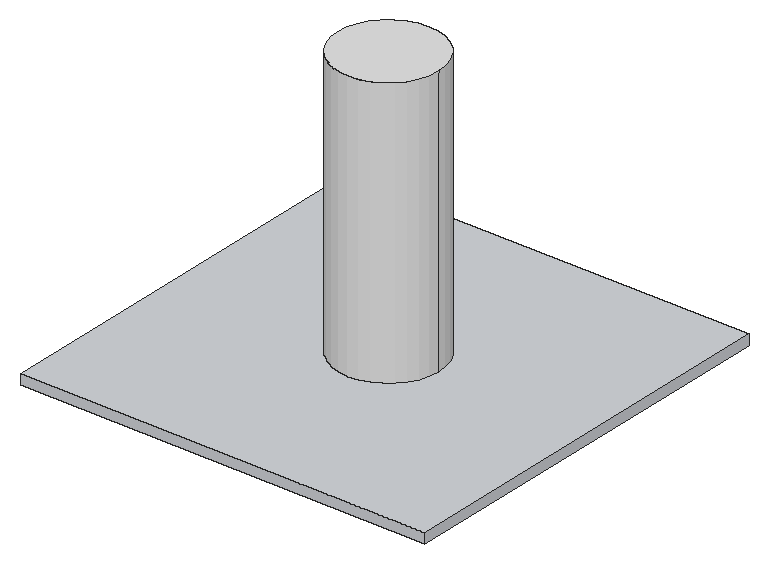
Revit family "4965500", category Aparatos sanitarios, Revit 2017
Family settings
  Anfitrión = Cara
  Cota de conector redondo = Diámetro de uso
  Tipo de pieza = Normal
  Número OmniClass = 23.45.55.14
  Título OmniClass = Single Faucets
  Corte con vacíos al cargar = No
  Compartido = No
  Punto de cálculo de habitación = No
Parameters (values of type "4965500")
  URL = "http://www.griferiasgalindo.com"
  Teléfono = "(+34) 915 782 575"
  TIPO DE AGUA = "Fria/Caliente"
  REFERENCIA = "4965500"
  Presión Máxima = "8 bar"
  PESO BRUTO = ""
  Modelo = "GRIFO DE LAVABO ALTO sin desagüe"
  Material = LATON CROMADO
  Imagen de tipo = <Ninguno>
  Fabricante = "PRESTO IBÉRICA"
  Default Elevation = 1219.2 mm
  ENTRADA = "Latiguillos de 3/8\""
  Descripción = "Monomando lavabo"
  Código de montaje = "C1030220"
  Contacto = "info@prestoiberica.com"
  Conexión AF = yes
  Conexión AC = yes
  Comentarios de tipo = "Cartucho sellado mezclador con discos cerámicos de Ø 25 mm.  Suministrado con latiguillos flexibles de 3/8\" y longitud de 55 mm."
  CIERRE = "Manual"
  CAUDAL = ""
  Accionamiento = "Mediante maneta"
Reference planes
  plane 1 "Centro (Frontal/Posterior)": y = 0
  plane 2: z = 0
  plane 3 "Centro (Izquierda/Derecha)": x = 0
Forms (mm)
  Extrusion 1, solid
    sketch origin (0, 0, 0) x (1, 0, 0) y (0, 1, 0)
      loop
        line (-100, 100) -> (-100, -100) -> (100, -100) -> (100, 100) -> (-100, 100)
    from 0 to -5
  Extrusion 2, solid, material "LATON CROMADO"
    sketch origin (0, 5, 89) x (0, 1, 0) y (-1, 0, 0)
      loop
        circle (-2.5, 0) r 25
    from -89 to 43.973
Dimensions and locks
  Extrusion 1 sketch curve to plane 1 "Centro (Frontal/Posterior)" = 100 mm
  aligned and locked: plane 2 to Extrusion 1
  aligned and locked: level to Extrusion 1
Connectors
  piping at (0, 2.5, 89), diameter 12.7
    settings: on import instance, index 2, connector inside diameter 609.6 mm, connector length 0 mm, flow factor 0, pipe flow 0.0 L/s, pressure drop 0.0 Pa, fitting loss kfactor 0, connector angle 0.00°, fixture units 0, engagement length 0 mm, angle of deflection 0.00°, flow configuration 0, flow direction 1, fitting loss method 0, system type 7, joint type 0, gender type 0, connector reference index -1, connector utility 0, adjustable connector no, is connector primary yes, connector description ""
